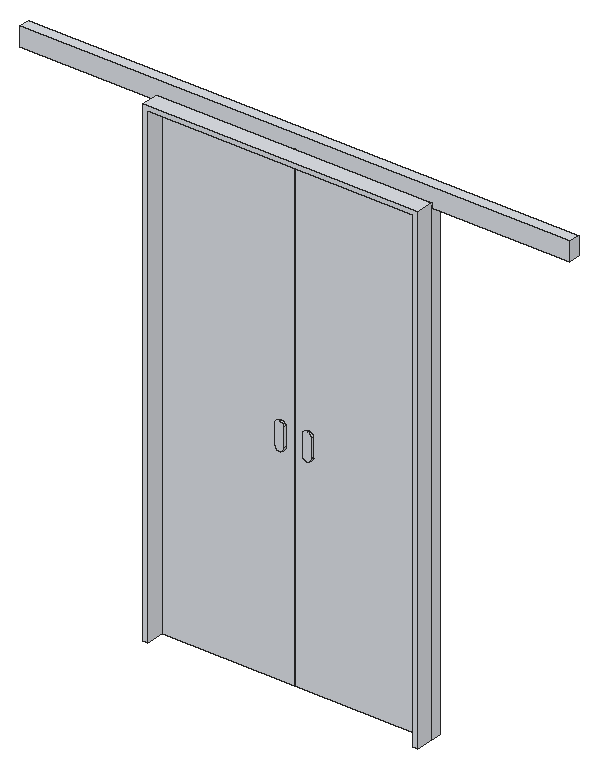
Revit family "AC_Дверь_Двупольная_Раздвижная", category Двери, Revit 2019
Family settings
  Основа = Стена
  Номер OmniClass = 23.30.10.00
  Заголовок OmniClass = Doors
  Всегда вертикально = Да
  При загрузке вырезать с полостями = Нет
  Общий = Нет
  Точка расчета площади = Нет
Parameters (values of type "1200х2100(h)")
  Width = 1200 mm
  Функция = Внутренние слои
  Открывание в плане - половина [instance] = yes
  Толщина = 40 mm
  Тип полотна двери = АС-Полотно : Глухое
  Тип конструкций = "Дверь деревянная"
  Ручка двери = none
  Рама двери_Ширина справа = 50 mm
  Рама двери_Ширина слева = 50 mm
  Рама двери_Ширина внизу = 50 mm
  Рама двери.Ширина вверху = 50 mm
  Рама двери = none
  Rough Width = Width - Коробка_Ширина * 2  # 1160 mm
  Rough Height = Height - Коробка_Ширина  # 2080 mm
  Полотно_Ширина = Width / 2  # 600 mm
  Fire Rating = ""
  Аналитическая конструкция = "<Нет>"
  ADSK_Обозначение = "Индивидуальные"
  Направляющая = none
  ADSK_Наименование = "Дверь Раздвижная Двупольная 1200х2100(h)"
  Коробка_Ширина = 20 mm
  Коробка_Толщина = 80 mm
  Полотно двери = none
  Остекление двери = none
  Height = 2100 mm
  Инструкция по семейству [instance] = ""
  Огибание наружных слоев [instance] = 0 mm
  Model = ""
  Manufacturer = ""
  Wall Closure = (empty or 0)
  Описание = "Дверь деревянная внутренняя раздвижная"
  ADSK_Этаж [instance] = ""
  ADSK_Толщина стены [instance] = 200 mm
  ADSK_Примечание [instance] = ""
  ADSK_Предел огнестойкости = ""
  ADSK_Позиция [instance] = ""
  ADSK_Откосы_Глубина [instance] = 120 mm
  ADSK_Наименование краткое = ""
  ADSK_Масса_Текст = ""
  ADSK_Количество [instance] = 0
  ADSK_Код изделия = ""
  ADSK_Зона [instance] = ""
  ADSK_Завод-изготовитель = ""
  ADSK_Единица измерения = ""
  ADSK_Группирование [instance] = ""
  ADSK_Версия Revit = "v2019"  # constant formula
  ADSK_URL страницы изделия = ""
  ADSK_URL документации изделия = ""
Types (6, lengths in mm): name | Width | Rough Width | Rough Height | Полотно_Ширина | ADSK_Наименование | Height | Инструкция по семейству
  1200х2100(h) | 1200 | 1160 | 2080 | 600 | "Дверь Раздвижная Двупольная 1200х2100(h)" | 2100 | ""
  1400х2100(h) | 1400 | 1360 | 2080 | 700 | "Дверь Раздвижная Двупольная 1400х2100(h)" | 2100 | "http://communities.autodesk.com/cis/doors.description"
  1600х2100(h) | 1600 | 1560 | 2080 | 800 | "Дверь Раздвижная Двупольная 1600х2100(h)" | 2100 | "http://communities.autodesk.com/cis/doors.description"
  1500х2400(h) | 1500 | 1460 | 2380 | 750 | "Дверь Раздвижная Двупольная 1500х2400(h)" | 2400 | "http://communities.autodesk.com/cis/doors.description"
  1800х2400(h) | 1800 | 1760 | 2380 | 900 | "Дверь Раздвижная Двупольная 1800х2400(h)" | 2400 | "http://communities.autodesk.com/cis/doors.description"
  2000х2400(h) | 2000 | 1960 | 2380 | 1000 | "Дверь Раздвижная Двупольная 2000х2400(h)" | 2400 | "http://communities.autodesk.com/cis/doors.description"
Reference planes
  plane 1: y = 0
  plane 2 "По центру (Влево/Вправо)": x = 0
  plane 3 "Слева": x = -600
  plane 4 "Справа": x = 600
  plane 5: z = 2100
  plane 6 "Наружный": y = 100
  plane 7 "Внутренние": y = -100
  plane 8 "Полотно двери": y = 140
  plane 9 "Рама внутри": y = 20
  plane 10 "Рама слева": x = -580
  plane 11 "Рама справа": x = 580
  plane 12 "Рама сверху": z = 2080
  plane 13 "Глубина огибания наружного слоя": y = 100
  plane 14: z = 1050
Forms (mm)
  Extrusion 1, solid, material <- "Рама двери", detail levels medium+fine
    sketch origin (0, 100, 0) x (1, 0, 0) y (0, 0, 1)
      loop
        line (600, 2100) -> (-600, 2100) -> (-600, 0) -> (-580, 0) -> (-580, 2080) -> (580, 2080) -> (580, 0) -> (600, 0) -> (600, 2100)
    from 0 to 80
  Extrusion 2, solid, material <- "Полотно двери", detail levels coarse
    sketch origin (0, 0, 0) x (1, 0, 0) y (0, 1, 0)
      loop
        line (-600, 100) -> (-600, 20) -> (600, 20) -> (600, 100) -> (-600, 100)
    from 0 to 2100
Lines and regions (mm)
  Masking region 1, detail levels fine
    outline origin (0, 0, 0) x (0, 1, 0) y (0, 0, 1)
      loop
        line (100, 2080) -> (100, 2100) -> (20, 2100) -> (20, 2080) -> (100, 2080)
  Masking region 2, detail levels fine
    outline origin (0, 0, 0) x (0, 1, 0) y (0, 0, 1)
      loop
        line (20, 2080) -> (20, 0) -> (100, 0) -> (100, 2080) -> (20, 2080)
  Masking region 3, detail levels coarse+medium
    outline origin (0, 0, 0) x (0, 1, 0) y (0, 0, 1)
      loop
        line (100, 0) -> (100, 2100) -> (20, 2100) -> (20, 0) -> (100, 0)
  Opening 1
    outline origin (-5000, -100, 0) x (1, 0, 0) y (0, 0, 1)
      loop
        line (5600, 2100) -> (4400, 2100) -> (4400, 0) -> (5600, 0) -> (5600, 2100)
  Masking region 4, detail levels medium+fine
    outline origin (0, 215, 0) x (0, 1, 0) y (0, 0, 1)
      loop
        line (-75, 0) -> (-75, 2100) -> (-115, 2100) -> (-115, 0) -> (-75, 0)
  Masking region 5, detail levels fine
    outline origin (0, 165, 0) x (0, 1, 0) y (0, 0, 1)
      loop
        line (-25, 2080) -> (-15, 2080) -> (-15, 2160) -> (-65, 2160) -> (-65, 2150) -> (-25, 2150) -> (-25, 2080)
  symbolic lines, style "DoorsHiddenLines", detail levels medium
    curve 1: line (1200, 300, 2080) -> (1200, 300, 0)
    curve 2: line (1200, 300, 0) -> (600, 300, 0)
    curve 3: line (-1200, 300, 2080) -> (-1200, 300, 0)
    curve 4: line (-1200, 300, 0) -> (-600, 300, 0)
  symbolic lines, style "Открывание", detail levels medium
    curve 5: line (600, 300, 1050) -> (-600, 300, 1050)
    curve 6: line (600, 300, 1050) -> (458.579, 300, 908.579)
    curve 7: line (600, 300, 1050) -> (458.579, 300, 1191.421)
    curve 8: line (-600, 300, 1050) -> (-458.579, 300, 1191.421)
    curve 9: line (-600, 300, 1050) -> (-458.579, 300, 908.579)
Text (mm)
  text "Наружный" at (-2295.016, 1099.543, 0), in view "Опорный уровень "
  text "Наружный" at (0, 1615.38, 3698.081), in view "Слева"
  text "Наружный" at (0, 1036.032, 3874.932), in view "Справа"
Dimensions and locks
  equal spacing: plane 3 "Слева", plane 2 "По центру (Влево/Вправо)", plane 4 "Справа"
  "Width": plane 3 "Слева" to plane 4 "Справа"
  "Rough Height": host wall to plane 12 "Рама сверху"
  "Height": host wall to plane 5
  locked: plane 6 "Наружный" to host wall at 0
  locked: plane 7 "Внутренние" to host wall
  "Огибание наружных слоев": plane 6 "Наружный" to plane 13 "Глубина огибания наружного слоя"
  equal spacing: level, plane 14, plane 5
  equal spacing: plane 10 "Рама слева", plane 2 "По центру (Влево/Вправо)", plane 11 "Рама справа"
  "Rough Width": plane 10 "Рама слева" to plane 11 "Рама справа"
  "Коробка_Толщина": plane 6 "Наружный" to plane 9 "Рама внутри"
  "ADSK_Откосы_Глубина": plane 9 "Рама внутри" to plane 7 "Внутренние"
  "Толщина": plane 6 "Наружный" to plane 8 "Полотно двери"
  "Полотно_Ширина": curve 1 to plane 4 "Справа"
  "Полотно_Ширина": plane 3 "Слева" to curve 3
  locked: Masking region 5 sketch curve to Masking region 5 sketch curve at 10
  locked: Masking region 5 sketch curve to plane 12 "Рама сверху" at 80
  locked: Masking region 5 sketch curve to plane 8 "Полотно двери" at 10
  "ADSK_Толщина стены": host wall to host wall
  locked: curve 6 to plane 14 (angle 45.00°)
  locked: plane 14 to curve 7 (angle 45.00°)
  locked: curve 8 to plane 14 (angle 45.00°)
  locked: plane 14 to curve 9 (angle 45.00°)
  aligned and locked: plane 1 to host wall
  aligned and locked: plane 9 "Рама внутри" to Masking region 1 sketch curve
  aligned and locked: plane 12 "Рама сверху" to Masking region 1 sketch curve
  aligned and locked: plane 5 to Masking region 1 sketch curve
  aligned and locked: plane 9 "Рама внутри" to Masking region 2 sketch curve
  aligned and locked: level to Masking region 2 sketch curve
  aligned and locked: plane 9 "Рама внутри" to Masking region 3 sketch curve
  aligned and locked: plane 5 to Masking region 3 sketch curve
  aligned and locked: level to Masking region 3 sketch curve
  aligned and locked: Extrusion 1 sketch curve to plane 4 "Справа"
  aligned and locked: Extrusion 1 sketch curve to plane 3 "Слева"
  aligned and locked: Extrusion 1 sketch curve to plane 5
  aligned and locked: Extrusion 1 sketch curve to plane 12 "Рама сверху"
  aligned and locked: Extrusion 1 sketch curve to plane 10 "Рама слева"
  aligned and locked: Extrusion 1 sketch curve to plane 11 "Рама справа"
  aligned and locked: Extrusion 1 sketch curve to level
  aligned and locked: Extrusion 2 sketch curve to plane 9 "Рама внутри"
  aligned and locked: Extrusion 2 sketch curve to plane 4 "Справа"
  aligned and locked: Extrusion 2 sketch curve to plane 3 "Слева"
  aligned and locked: Extrusion 2 to level
  aligned and locked: Extrusion 2 to plane 5
  aligned and locked: plane 4 "Справа" to Opening 1 sketch curve
  aligned and locked: plane 3 "Слева" to Opening 1 sketch curve
  aligned and locked: plane 5 to Opening 1 sketch curve
  aligned and locked: level to Opening 1 sketch curve
  aligned and locked: Extrusion 1 to plane 9 "Рама внутри"
  aligned and locked: nested 1 to plane 8 "Полотно двери"
  aligned and locked: plane 8 "Полотно двери" to nested 3
  aligned and locked: nested 2 to plane 8 "Полотно двери"
  aligned and locked: plane 12 "Рама сверху" to curve 1
  aligned and locked: level to curve 1
  aligned and locked: plane 12 "Рама сверху" to curve 3
  aligned and locked: level to curve 3
  aligned and locked: curve 5 to host wall  (x2)
  aligned and locked: curve 5 to plane 14
  aligned and locked: Masking region 4 sketch curve to plane 5
  aligned and locked: Masking region 4 sketch curve to level
  aligned and locked: plane 6 "Наружный" to Masking region 4 sketch curve
  aligned and locked: Masking region 4 sketch curve to plane 8 "Полотно двери"
  aligned and locked: plane 6 "Наружный" to Masking region 1 sketch curve
  aligned and locked: plane 12 "Рама сверху" to Masking region 2 sketch curve
  aligned and locked: plane 6 "Наружный" to Masking region 2 sketch curve
  aligned and locked: plane 8 "Полотно двери" to Masking region 5 sketch curve
  aligned and locked: host wall to Masking region 5 sketch curve
  aligned and locked: plane 12 "Рама сверху" to Masking region 5 sketch curve
  aligned and locked: plane 3 "Слева" to nested 4
  aligned and locked: nested 4 to plane 4 "Справа"
  aligned and locked: plane 6 "Наружный" to nested 4
  aligned and locked: nested 1 to plane 3 "Слева"
  aligned and locked: plane 2 "По центру (Влево/Вправо)" to nested 1  (x3)
  aligned and locked: plane 8 "Полотно двери" to nested 5
  aligned and locked: nested 5 to plane 4 "Справа"
  aligned and locked: plane 2 "По центру (Влево/Вправо)" to nested 5  (x2)
  aligned and locked: nested 5 to plane 2 "По центру (Влево/Вправо)"
  aligned and locked: level to nested 5
  aligned and locked: nested 1 to level
  aligned and locked: plane 2 "По центру (Влево/Вправо)" to nested 3
  aligned and locked: plane 2 "По центру (Влево/Вправо)" to nested 2
Automatic sketch dimensions
  Masking region 3 sketch curve to host wall = 0 mm
  Extrusion 1 sketch curve to level = 0 mm
  plane 4 "Справа" to curve 2 = 0 mm
  plane 3 "Слева" to curve 4 = 0 mm
  Extrusion 2 sketch curve to host wall = 0 mm
Nested families
  nested 1: "АС-Полотно" at (-300, 140, 0), Рама.Ширина справа <- "Рама двери_Ширина справа", Рама.Ширина слева <- "Рама двери_Ширина слева", Рама.Ширина внизу <- "Рама двери_Ширина внизу", Рама.Ширина вверху <- "Рама двери.Ширина вверху", Полотно двери.Толщина <- "Толщина", Полотно двери.Высота <- "Height", Полотно двери.Ширина <- "Полотно_Ширина", type <- "Тип полотна двери", Фурнитура <- "Ручка двери", Полотно двери <- "Полотно двери", Остекление двери <- "Остекление двери", type "Глухое"
    with Фурнитура none, Рама.Ширина справа 50 mm, Рама.Ширина слева 50 mm, Рама.Ширина внизу 50 mm, Рама.Ширина вверху 50 mm, Полотно двери.Ширина 600 mm, Полотно двери.Толщина 40 mm, Полотно двери.Высота 2100 mm, Полотно двери none, Остекление двери none
  nested 2: "АС-Раздвижная-Ручка двери" at (0, 140, 0), Полотно двери.Толщина <- "Толщина", Ручка двери <- "Ручка двери", type "АС-Стандарт"
    with Ручка двери none, Полотно двери.Толщина 40 mm
  nested 3: "АС-Раздвижная-Ручка двери" at (0, 140, 0) x (-1, 0, 0) z (0, 0, 1), Полотно двери.Толщина <- "Толщина", Ручка двери <- "Ручка двери", type "АС-Стандарт"
    with Ручка двери none, Полотно двери.Толщина 40 mm
  nested 4: "АС-Двупольная-Раздвижная-Обозначение на плане" at (0, 100, 0), Коробка.Ширина <- "Коробка_Ширина", Коробка.Толщина <- "Коробка_Толщина", Width <- "Width", Толщина <- "Толщина", Rough Width <- "Rough Width", Height <- "Height", type "АС-Стандарт"
    with Width 1200 mm, Толщина 40 mm, Rough Width 1160 mm, Полотно.Ширина 600 mm, Коробка.Ширина 20 mm, Коробка.Толщина 80 mm, Height 2100 mm
  nested 5: "АС-Полотно" at (300, 140, 0) x (-1, 0, 0) z (0, 0, 1), Рама.Ширина справа <- "Рама двери_Ширина справа", Рама.Ширина слева <- "Рама двери_Ширина слева", Рама.Ширина внизу <- "Рама двери_Ширина внизу", Рама.Ширина вверху <- "Рама двери.Ширина вверху", Полотно двери.Толщина <- "Толщина", Полотно двери.Высота <- "Height", Полотно двери.Ширина <- "Полотно_Ширина", type <- "Тип полотна двери", Фурнитура <- "Ручка двери", Полотно двери <- "Полотно двери", Остекление двери <- "Остекление двери", type "Глухое"
    with Фурнитура none, Рама.Ширина справа 50 mm, Рама.Ширина слева 50 mm, Рама.Ширина внизу 50 mm, Рама.Ширина вверху 50 mm, Полотно двери.Ширина 600 mm, Полотно двери.Толщина 40 mm, Полотно двери.Высота 2100 mm, Полотно двери none, Остекление двери none
Definition of nested family "АС-Полотно"
  Parameters
    Фурнитура [instance] = none
    Рама.Ширина справа [instance] = 50 mm
    Рама.Ширина слева [instance] = 50 mm
    Рама.Ширина внизу [instance] = 50 mm
    Рама.Ширина вверху [instance] = 50 mm
    Остекленное = not(Глухое)  # no
    Полотно двери.Ширина [instance] = 1000 mm
    Полотно двери.Толщина [instance] = 40 mm
    Полотно двери.Высота [instance] = 2100 mm
    Полотно двери [instance] = none
    Глухое = yes
    Остекление двери [instance] = none
    Default Elevation = 0 mm
  Reference planes
    plane 1 "Center (Front/Back)": y = 0
    plane 2: z = 0
    plane 3 "Center (Left/Right)": x = 0
    plane 4: x = -500
    plane 5: x = 500
    plane 6 "Back": y = -40
    plane 7: z = 2100
    plane 8 "Остекление снаружи": y = -8
    plane 9 "Остекление внутри": y = -32
    plane 10 "Ширина рамы справа": x = -450
    plane 11 "Ширина рамы слева": x = 450
    plane 12 "Ширина рамы внизу": z = 50
    plane 13 "Ширина рамы вверху": z = 2050
  Forms (mm)
    Extrusion 1, solid, material <- "Полотно двери", visible <- "Глухое", detail levels medium+fine
      sketch origin (0, 0, 0) x (1, 0, 0) y (0, 0, 1)
        loop
          line (-500, 2100) -> (-500, 0) -> (500, 0) -> (500, 2100) -> (-500, 2100)
      from 0 to 40 <- "Полотно двери.Толщина"
    Extrusion 2, solid, material <- "Полотно двери", visible <- "Остекленное", detail levels medium+fine
      sketch origin (0, 0, 0) x (1, 0, 0) y (0, 0, 1)
        loop
          line (-500, 2100) -> (-500, 0) -> (500, 0) -> (500, 2100) -> (-500, 2100)
        loop
          line (-450, 50) -> (450, 50) -> (450, 2050) -> (-450, 2050) -> (-450, 50)
      from 0 to 40
    Extrusion 3, solid, material <- "Остекление двери", visible <- "Остекленное", detail levels medium+fine
      sketch origin (-646.608, -8, 1200) x (-1, 0, 0) y (0, 0, 1)
        loop
          line (-196.608, 850) -> (-1096.608, 850) -> (-1096.608, -1150) -> (-196.608, -1150) -> (-196.608, 850)
      from 0 to -24
  Dimensions and locks
    "Полотно двери.Толщина": plane 1 "Center (Front/Back)" to plane 6 "Back"
    equal spacing: plane 4, plane 3 "Center (Left/Right)", plane 5
    "Полотно двери.Ширина": plane 4 to plane 5
    "Полотно двери.Высота": plane 7 to plane 2
    locked: plane 9 "Остекление внутри" to plane 6 "Back" at 8
    locked: plane 1 "Center (Front/Back)" to plane 8 "Остекление снаружи" at 8
    "Рама.Ширина вверху": plane 7 to plane 13 "Ширина рамы вверху"
    "Рама.Ширина внизу": plane 12 "Ширина рамы внизу" to plane 2
    "Рама.Ширина справа": plane 5 to plane 11 "Ширина рамы слева"
    "Рама.Ширина слева": plane 10 "Ширина рамы справа" to plane 4
    plane 7 to plane 2 = 2100 mm
    aligned and locked: level to plane 2
    aligned and locked: Extrusion 1 sketch curve to plane 7
    aligned and locked: plane 4 to Extrusion 1 sketch curve
    aligned and locked: plane 2 to Extrusion 1 sketch curve
    aligned and locked: Extrusion 1 sketch curve to plane 5
    aligned and locked: Extrusion 1 to plane 1 "Center (Front/Back)"
    aligned and locked: Extrusion 1 to plane 6 "Back"
    aligned and locked: Extrusion 2 sketch curve to plane 4
    aligned and locked: Extrusion 2 sketch curve to plane 5
    aligned and locked: Extrusion 2 sketch curve to plane 7
    aligned and locked: Extrusion 2 sketch curve to plane 2
    aligned and locked: Extrusion 2 sketch curve to plane 12 "Ширина рамы внизу"
    aligned and locked: Extrusion 2 sketch curve to plane 10 "Ширина рамы справа"
    aligned and locked: Extrusion 2 sketch curve to plane 11 "Ширина рамы слева"
    aligned and locked: Extrusion 2 sketch curve to plane 13 "Ширина рамы вверху"
    aligned and locked: Extrusion 2 to plane 1 "Center (Front/Back)"
    aligned and locked: Extrusion 2 to plane 6 "Back"
    aligned and locked: plane 10 "Ширина рамы справа" to Extrusion 3 sketch curve
    aligned and locked: plane 11 "Ширина рамы слева" to Extrusion 3 sketch curve
    aligned and locked: plane 13 "Ширина рамы вверху" to Extrusion 3 sketch curve
    aligned and locked: plane 12 "Ширина рамы внизу" to Extrusion 3 sketch curve
    aligned and locked: Extrusion 3 to plane 8 "Остекление снаружи"
    aligned and locked: Extrusion 3 to plane 9 "Остекление внутри"
    aligned and locked: plane 7 to Extrusion 2
    aligned and locked: plane 4 to Extrusion 2
Definition of nested family "АС-Раздвижная-Ручка двери"
  Parameters
    Ручка двери [instance] = none
    Полотно двери.Толщина [instance] = 40 mm
    Отступ ручки от края = 60 mm
    Высота расположения ручки = 1000 mm
    Default Elevation = 0 mm
  Reference planes
    plane 1 "Наружная сторона полотна": y = 0
    plane 2: z = 0
    plane 3 "Край полотна": x = 0
    plane 4 "Вертикаль расположения": x = 60
    plane 5 "Горизонталь расположения": z = 1000
    plane 6 "Внутренняя сторона полотна": y = -40
  Forms (mm)
    Extrusion 1, solid, material <- "Ручка двери", detail levels fine
      sketch origin (155, 0, 0) x (1, 0, 0) y (0, 0, 1)
        loop
          arc (-75, 1000) -> (-95, 1020) -> (-115, 1000) r 20
          line (-115, 1000) -> (-115, 920)
          arc (-115, 920) -> (-95, 900) -> (-75, 920) r 20
          line (-75, 920) -> (-75, 1000)
      from 48 to -8
  Dimensions and locks
    "Отступ ручки от края": plane 3 "Край полотна" to plane 4 "Вертикаль расположения"
    "Высота расположения ручки": plane 5 "Горизонталь расположения" to level
    "Полотно двери.Толщина": plane 1 "Наружная сторона полотна" to plane 6 "Внутренняя сторона полотна"
    locked: plane 1 "Наружная сторона полотна" to Extrusion 1 at 8
    locked: plane 6 "Внутренняя сторона полотна" to Extrusion 1 at 8
    Extrusion 1 sketch curve to plane 5 "Горизонталь расположения" to Extrusion 1 sketch curve = 80 mm locked, 0 mm locked
    locked: plane 4 "Вертикаль расположения" to Extrusion 1 sketch curve at 0  (x2)
  Automatic sketch dimensions
    Extrusion 1 sketch curve to plane 5 "Горизонталь расположения" = 0 mm
    Extrusion 1 sketch curve to plane 4 "Вертикаль расположения" = 20 mm
Definition of nested family "АС-Двупольная-Раздвижная-Обозначение на плане"
  Parameters
    Полотно.Ширина [instance] = Width / 2  # 500 mm
    Открывание.Полное = not(Открывание.Половина)  # no
    Открывание.Половина = yes
    Материал направляющей = none
    Коробка.Ширина [instance] = 40 mm
    Коробка.Толщина [instance] = 80 mm
    Width [instance] = 1000 mm
    Thickness [instance] = 40 mm
    Rough Width [instance] = 900 mm
    Height [instance] = 2100 mm
    Default Elevation = 0 mm
  Reference planes
    plane 1 "Center (Front/Back)": y = 0
    plane 2: z = 0
    plane 3 "Center (Left/Right)": x = 0
    plane 4 "Проем.Слева": x = -500
    plane 5 "Проем.Справа": x = 500
    plane 6 "Полотно. Внутренняя сторона": y = -40
    plane 7 "Коробка. Внутренняя сторона": y = -80
    plane 8 "Коробка.Внутренняя сторона слева": x = -450
    plane 9 "Коробка. Внутренняя сторона справа": x = 450
    plane 10: y = 40
    plane 11 "Дверь.Высота": z = 2100
  Forms (mm)
    Extrusion 1, solid, material <- "Материал направляющей", detail levels medium+fine
      sketch origin (0, 0, 0) x (1, 0, 0) y (0, 1, 0)
        loop
          line (-1000, 0) -> (1000, 0) -> (1000, 50) -> (-1000, 50) -> (-1000, 0)
      from 2060 to 2140
  Lines and regions (mm)
    Masking region 1, detail levels fine
      outline origin (0, 0, 0) x (1, 0, 0) y (0, 1, 0)
        loop
          line (-500, 0) -> (-500, -80) -> (-450, -80) -> (-450, 0) -> (-500, 0)
    Masking region 2, detail levels fine
      outline origin (0, 0, 0) x (1, 0, 0) y (0, 1, 0)
        loop
          line (500, 0) -> (450, 0) -> (450, -80) -> (500, -80) -> (500, 0)
    Masking region 3, visible <- "Открывание.Половина", detail levels fine
      outline origin (0, 0, 0) x (1, 0, 0) y (0, 1, 0)
        loop
          line (250, 0) -> (750, 0) -> (750, 40) -> (250, 40) -> (250, 0)
    Masking region 4, visible <- "Открывание.Полное", detail levels fine
      outline origin (790.151, 125.148, 0) x (1, 0, 0) y (0, 1, 0)
        loop
          line (-290.151, -125.148) -> (209.849, -125.148) -> (209.849, -85.148) -> (-290.151, -85.148) -> (-290.151, -125.148)
    Masking region 5, visible <- "Открывание.Полное", detail levels fine
      outline origin (-1469.849, 125.148, 0) x (1, 0, 0) y (0, 1, 0)
        loop
          line (469.849, -125.148) -> (969.849, -125.148) -> (969.849, -85.148) -> (469.849, -85.148) -> (469.849, -125.148)
    Masking region 6, visible <- "Открывание.Половина", detail levels fine
      outline origin (-1000, 0, 0) x (1, 0, 0) y (0, 1, 0)
        loop
          line (250, 0) -> (750, 0) -> (750, 40) -> (250, 40) -> (250, 0)
    model lines
      curve 1: line (0, 0, 0) -> (0, 0, 2100)
    symbolic lines, detail levels fine
      curve 2: line (-1000, 0, 0) -> (1000, 0, 0)
      curve 3: line (-1000, 40, 0) -> (-1000, 0, 0)
      curve 4: line (1000, 40, 0) -> (-1000, 40, 0)
      curve 5: line (1000, 0, 0) -> (1000, 40, 0)
    symbolic lines, visible <- "Открывание.Половина", detail levels coarse+medium
      curve 6: line (250, 40, 0) -> (750, 40, 0)
      curve 8: line (-750, 40, 0) -> (-250, 40, 0)
    symbolic lines, visible <- "Открывание.Полное", detail levels coarse+medium
      curve 7: line (500, 40, 0) -> (1000, 40, 0)
      curve 9: line (-1000, 40, 0) -> (-500, 40, 0)
  Dimensions and locks
    "Thickness": plane 1 "Center (Front/Back)" to plane 6 "Полотно. Внутренняя сторона"
    equal spacing: plane 4 "Проем.Слева", plane 3 "Center (Left/Right)", plane 5 "Проем.Справа"
    "Width": plane 4 "Проем.Слева" to plane 5 "Проем.Справа"
    plane 1 "Center (Front/Back)" to plane 7 "Коробка. Внутренняя сторона" = 80 mm
    "Коробка.Толщина": plane 7 "Коробка. Внутренняя сторона" to plane 1 "Center (Front/Back)"
    equal spacing: plane 8 "Коробка.Внутренняя сторона слева", plane 3 "Center (Left/Right)", plane 9 "Коробка. Внутренняя сторона справа"
    "Rough Width": plane 8 "Коробка.Внутренняя сторона слева" to plane 9 "Коробка. Внутренняя сторона справа"
    "Height": curve 1 to level
    "Полотно.Ширина": plane 5 "Проем.Справа" to curve 5
    equal spacing: curve 6, plane 5 "Проем.Справа", curve 6
    "Полотно.Ширина": curve 6 to curve 6
    "Thickness": plane 1 "Center (Front/Back)" to plane 10
    "Полотно.Ширина": curve 7 to curve 7
    "Полотно.Ширина": Masking region 4 sketch curve to Masking region 4 sketch curve
    "Полотно.Ширина": Extrusion 1 sketch curve to plane 4 "Проем.Слева"
    "Полотно.Ширина": plane 5 "Проем.Справа" to Extrusion 1 sketch curve
    locked: plane 10 to Extrusion 1 sketch curve at 10
    "Height": plane 11 "Дверь.Высота" to plane 2
    "Коробка.Ширина": plane 11 "Дверь.Высота" to Extrusion 1
    locked: Extrusion 1 to Extrusion 1 at 80
    "Полотно.Ширина": curve 8 to curve 8
    equal spacing: curve 8, plane 4 "Проем.Слева", curve 8
    "Полотно.Ширина": curve 9 to plane 4 "Проем.Слева"
    "Полотно.Ширина": Masking region 5 sketch curve to Masking region 5 sketch curve
    "Полотно.Ширина": curve 3 to plane 4 "Проем.Слева"
    equal spacing: Masking region 3 sketch curve, plane 5 "Проем.Справа", Masking region 3 sketch curve
    "Полотно.Ширина": Masking region 3 sketch curve to Masking region 3 sketch curve
    equal spacing: Masking region 6 sketch curve, plane 4 "Проем.Слева", Masking region 6 sketch curve
    "Полотно.Ширина": Masking region 6 sketch curve to Masking region 6 sketch curve
    aligned and locked: level to plane 2
    aligned and locked: Masking region 1 sketch curve to plane 8 "Коробка.Внутренняя сторона слева"
    aligned and locked: Masking region 1 sketch curve to plane 1 "Center (Front/Back)"
    aligned and locked: Masking region 1 sketch curve to plane 7 "Коробка. Внутренняя сторона"
    aligned and locked: Masking region 2 sketch curve to plane 9 "Коробка. Внутренняя сторона справа"
    aligned and locked: Masking region 2 sketch curve to plane 7 "Коробка. Внутренняя сторона"
    aligned and locked: Masking region 2 sketch curve to plane 1 "Center (Front/Back)"
    aligned and locked: plane 2 to curve 1
    aligned and locked: plane 3 "Center (Left/Right)" to curve 1
    aligned and locked: plane 4 "Проем.Слева" to Masking region 1 sketch curve
    aligned and locked: Masking region 2 sketch curve to plane 5 "Проем.Справа"
    aligned and locked: Masking region 3 sketch curve to plane 10
    aligned and locked: curve 4 to plane 10
    aligned and locked: plane 10 to curve 6
    aligned and locked: plane 1 "Center (Front/Back)" to curve 2
    aligned and locked: plane 1 "Center (Front/Back)" to Masking region 3 sketch curve
    aligned and locked: plane 5 "Проем.Справа" to curve 7
    aligned and locked: plane 10 to curve 7
    aligned and locked: Masking region 4 sketch curve to plane 5 "Проем.Справа"
    aligned and locked: plane 1 "Center (Front/Back)" to Masking region 4 sketch curve
    aligned and locked: Masking region 4 sketch curve to plane 10
    aligned and locked: plane 10 to curve 8
    aligned and locked: plane 10 to curve 9
    aligned and locked: plane 1 "Center (Front/Back)" to Masking region 5 sketch curve
    aligned and locked: Masking region 5 sketch curve to plane 10
    aligned and locked: Masking region 5 sketch curve to plane 4 "Проем.Слева"
    aligned and locked: plane 4 "Проем.Слева" to curve 9
    aligned and locked: Masking region 6 sketch curve to plane 10
    aligned and locked: plane 1 "Center (Front/Back)" to Masking region 6 sketch curve
  Automatic sketch dimensions
    plane 1 "Center (Front/Back)" to Extrusion 1 sketch curve = 0 mm
